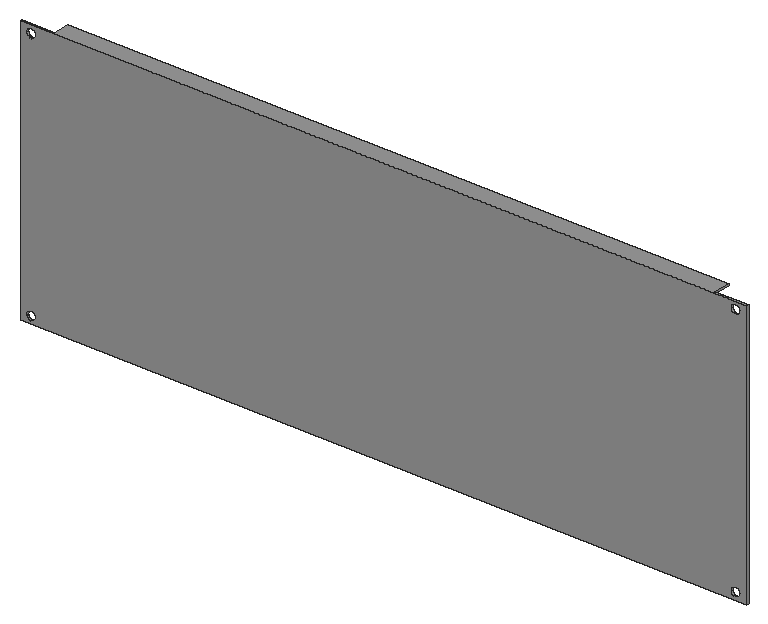
Revit family "ITK 19 Фальш-панель", category Обобщенные модели, Revit 2016
Family settings
  Тип детали = Нормальный
  Может служить основой для арматурных стержней = Нет
  Размер круглого соединителя = Использовать диаметр
  На основе рабочей плоскости = Нет
  Всегда вертикально = Да
  При загрузке вырезать с полостями = Нет
  Общий = Нет
  Точка расчета площади = Нет
Parameters
  Ширина = 482.5 mm
  Совместимость = "Linea  N, W,"
  Высота = 178 mm
  Описание = "Фальш-панели или заглушки используются для закрытия свободных не используемых юнитов на 19-дюймовых монтажных профилях, тем самым создавая заслон для горячих или холодных потоков воздуха не позволяя им смешиваться при организации принудительного охлаждения или горячих и холодных коридоров. Также использование фальш-панелей предотвращает попадание пыли на оборудование и внутрь шкафа и повышает эстетичный внешний вид передней монтажной плоскости.\r\n\r\nФальш-панели устанавливаются на вертикальные монтажные профили с помощью крепежа винт-шайба-гайка. Возможная высота фальш-панелей: от 1 до 6U.\r\nМатериал: листовая сталь. В комплект поставки входит сама фальш-панель и комплект крепежа.\r\nСовместимы со всеми 19-дюймовыми шкафами и стойками ITK.\r\nОбладают современным привлекательным дизайном и продуманной конструкцией.\r\nУдобны в монтаже и эксплуатации.\r\nСоответствие международным стандартам ISO9001, IEC 297, ISO/IEC 11801. \r\nСертифицированы по ГОСТ Р.\r\nВсе аксессуары идут с крепежом.\r\nВозможно исполнение в двух цветах: серый (RAL7035) и черный (RAL9005).\r\nВсегда в наличии на складе.\r\nГарантия на все аксессуары до 2-х лет."  # constant formula
  Материал = Окраска - RAL 7035
  Type Comments = ""
  Изготовитель = "ITK"  # constant formula
  Глубина = 12 mm
  URL = "http://www.itk-group.ru/produktsiya/catalog/?page=section&id=562"
  ADSK_Примечание = ""
  ADSK_Позиция [instance] = ""
  ADSK_Наименование краткое = "FP35-04UM"
  ADSK_Наименование = "ITK Фальш-панель 4U серая"
  ADSK_Масса = 0
  ADSK_Марка = "FP35-04UM"
  ADSK_Код изделия = ""
  ADSK_Завод-изготовитель = "IEK"
  ADSK_Единица измерения = "шт"
  ADSK_Группирование = "I. ЩИТЫ И ПУЛЬТЫ"
Reference planes
  plane 1 "По центру (Вперед/Назад)": y = 0
  plane 2: z = 0
  plane 3 "По центру (Влево/Вправо)": x = 0
  plane 4: x = -241.25
  plane 5: x = 241.25
  plane 6: y = -1
  plane 7: x = -219.25
  plane 8: x = 219.25
  plane 9: z = 178
  plane 10: y = 11
Forms (mm)
  Extrusion 1, solid, material "Окраска - RAL 7035" <- "Материал", detail levels fine
    sketch origin (0, 0, 0) x (1, 0, 0) y (0, 1, 0)
      loop
        line (-241.25, 0) -> (-241.25, -1) -> (241.25, -1) -> (241.25, 0) -> (-241.25, 0)
    from 0 to 178
  Extrusion 2, void
    sketch origin (-2000, -1, 1200) x (-1, 0, 0) y (0, 0, -1)
      loop
        circle (-1766.225, 1027) r 2.967
      loop
        circle (-1766.225, 1195) r 2.967
      loop
        circle (-2233.775, 1027) r 2.967
      loop
        circle (-2233.775, 1195) r 2.967
    from -1 to 0
  Extrusion 3, solid, material "Окраска - RAL 7035" <- "Материал", detail levels fine
    sketch origin (-219.25, 2000, 1200) x (0, 1, 0) y (0, 0, 1)
      loop
        line (-1989, -1022) -> (-2000, -1022) -> (-2000, -1023) -> (-1989, -1023) -> (-1989, -1022)
      loop
        line (-1989, -1200) -> (-1989, -1199) -> (-2000, -1199) -> (-2000, -1200) -> (-1989, -1200)
    from 0 to 438.5
Cuts and joins
  Extrusion 2 cuts Extrusion 1
  joined: Extrusion 1, Extrusion 3
Dimensions and locks
  equal spacing: plane 4, plane 3 "По центру (Влево/Вправо)", plane 5
  "Ширина": plane 4 to plane 5
  locked: plane 8 to plane 5 at 22
  locked: plane 4 to plane 7 at 22
  "Высота": plane 9 to plane 2
  plane 6 to plane 1 "По центру (Вперед/Назад)" = 1 mm
  "Глубина": plane 6 to plane 10
  aligned and locked: level to plane 2
  aligned and locked: plane 1 "По центру (Вперед/Назад)" to Extrusion 1 sketch curve
  aligned and locked: plane 4 to Extrusion 1 sketch curve
  aligned and locked: Extrusion 1 sketch curve to plane 6
  aligned and locked: plane 5 to Extrusion 1 sketch curve
  aligned and locked: plane 9 to Extrusion 1
  aligned and locked: Extrusion 1 to plane 2
  aligned and locked: Extrusion 2 to plane 1 "По центру (Вперед/Назад)"
  aligned and locked: plane 6 to Extrusion 2
  aligned and locked: Extrusion 3 sketch curve to cut or joined group of Extrusion 1, Extrusion 2, Extrusion 3
  aligned and locked: plane 10 to Extrusion 3 sketch curve
  aligned and locked: Extrusion 3 to plane 8
  aligned and locked: Extrusion 3 to plane 7
  aligned and locked: level to Extrusion 3 sketch curve
  aligned and locked: Extrusion 3 sketch curve to plane 9
Automatic sketch dimensions
  Extrusion 2 sketch curve to plane 5 = 7.475 mm  (x2)
  Extrusion 2 sketch curve to plane 4 = 7.475 mm  (x2)
  Extrusion 3 sketch curve to Extrusion 3 sketch curve = 1 mm  (x2)
  Extrusion 3 sketch curve to plane 10 = 0 mm
  Extrusion 3 sketch curve to plane 1 "По центру (Вперед/Назад)" = 0 mm
  plane 9 to Extrusion 2 sketch curve = 5 mm  (x2)
  Extrusion 2 sketch curve to level = 5 mm  (x2)
  radius of Extrusion 2 sketch curve = 2.967 mm  (x4)
Types in the file's own list only (8): name | Ширина | Высота | Материал | Глубина | ADSK_Наименование краткое | ADSK_Наименование | ADSK_Марка
  FP05-01UM | 483 мм | 45 мм | Окраска - RAL 9005 | 12 мм | "FP05-01UM" | "ITK Фальш-панель 1U черная" | "FP05-01UM"
  FP05-02UM | 483 мм | 89 мм | Окраска - RAL 9005 | 12 мм | "FP05-02UM" | "ITK Фальш-панель 2U черная" | "FP05-02UM"
  FP05-03UM | 483 мм | 134 мм | Окраска - RAL 9005 | 12 мм | "FP05-03UM" | "ITK Фальш-панель 3U черная" | "FP05-03UM"
  FP05-04UM | 483 мм | 178 мм | Окраска - RAL 9005 | 12 мм | "FP05-04UM" | "ITK Фальш-панель 4U черная" | "FP05-04UM"
  FP35-01UM | 483 мм | 45 мм | Окраска - RAL 7035 | 12 мм | "FP35-01UM" | "ITK Фальш-панель 1U серая" | "FP35-01UM"
  FP35-02UM | 483 мм | 89 мм | Окраска - RAL 7035 | 12 мм | "FP35-02UM" | "ITK Фальш-панель 2U серая" | "FP35-02UM"
  FP35-03UM | 483 мм | 134 мм | Окраска - RAL 7035 | 12 мм | "FP35-03UM" | "ITK Фальш-панель 3U серая" | "FP35-03UM"
  FP35-04UM | 483 мм | 178 мм | Окраска - RAL 7035 | 12 мм | "FP35-04UM" | "ITK Фальш-панель 4U серая" | "FP35-04UM"
